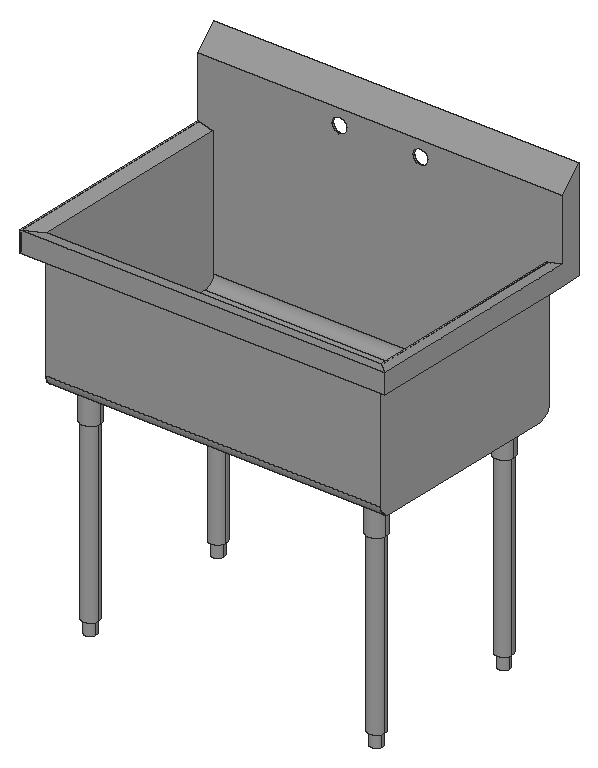
Revit family
Parameters (values of type "ByType")
  Width = 2' - 0"
  URL = "http://www.elkayusa.com/cps/rde/xchg/elkay/hs.xsl/Default.aspx"
  Specification URL = " "
  Sink Material = Metal - Steel - Stainless - Chrome
  Model Number = ""
  Model = "Weldbilt"  # constant formula
  Manufacturer = "Elkay Manufacturer"  # constant formula
  Length = 3' - 0"
  Installation URL = " "
  Hidden Width = if(Compartment Width > 0' 11", Width, (Compartment Width + Sink Rim Front Width + Backsplash Width))  # 2' - 0"
  Hidden Compartment Width = Width - Sink Rim Front Width - Backsplash Width  # 1' - 8 1/2"
  Hidden Compartment Length = Length - (Sink Rim Sides Width * 2)  # 2' - 9"
  Description = "Weldbilt Single Compartment Scullery Sinks"  # constant formula
  Compartment Length = if(Hidden Compartment Length > 0' 8 1/2", Hidden Compartment Length, 0' 8 1/2")  # 2' - 9"
  Hidden Length = if((Compartment Length > 0' 8 1/2"), Length, ((Compartment Length + Sink Rim Sides Width * 2)))  # 3' - 0"
  Sink Rim Sides Width = 0' - 1 1/2"  # constant formula
  Sink Rim Front Width = 0' - 1 1/2"  # constant formula
  Backsplash Width = 0' - 2"  # constant formula
  Sink Drain Location = Compartment Width / 2  # 0' - 10 1/4"
  Compartment Depth = 1' - 2"
  Compartment Width = if(Hidden Compartment Width > 0' 11", Hidden Compartment Width, 0' 11")  # 1' - 8 1/2"
  Rim Height = 3' - 0"
  Hole 1 to 2 = 0' - 8"
  Hole 1 From CL = 0' - 4"
  Faucet CL from Top Backsplash = 0' - 3 1/2"
  Backsplash Height = 0' - 8"
Reference planes (in)
  plane 1 "CL Sink Hole": y = -0.25
  plane 2 "Bottom": z = 0
  plane 3 "Center (Left/Right)": x = -6
  plane 4 "Basin Edge Left": x = -22.5
  plane 5 "Basin Edge Right": x = 10.5
  plane 6 "Basin Edge Back": y = 10
  plane 7 "Basin Edge Front": y = -10.5
  plane 8 "Left": x = -24
  plane 9 "Right": x = 12
  plane 10 "Back": y = 12
  plane 11 "Front": y = -12
  plane 12 "Sink Bowl Bottom (Top Face)": z = 22
  plane 13 "Sink Bowl Bottom (Bottom Face)": z = 21.875
  plane 14 "Sink Bottom Piece Back Edge": y = 9
  plane 15 "Sink Bottom Piece Front Edge": y = -9.5
  plane 16 "Center (Front/Back)": y = 0
  plane 17 "Sink Rim Top": z = 36
  plane 18 "Sink Bowl Bottom Radius Top Tangent": z = 23
  plane 19 "Sink Rim Inside Lower Edge": z = 35.59808
  plane 20: z = 44
  plane 21 "Backsplash Angle": z = 42
  plane 22 "Backsplash Side Piece Front": y = 10.125
  plane 23 "Backsplash Side Piece Top": z = 43.82322
  plane 24 "Backsplash Side Piece Angle": z = 41.94822
  plane 25 "Backsplash Side Piece Bottom": z = 34
  plane 26 "Backsplash Side Right Piece Inside Edge": x = 11.875
  plane 27 "Backsplash Side Left Piece Inside Edge": x = -23.875
  plane 28 "Basin Edge Right Outside Face": x = 10.5625
  plane 29 "Basin Edge Left Outside Face": x = -22.5625
  plane 30 "Faucet Hole CL Elev": z = 40.5
  plane 31 "CL Faucet Hole Left": x = -10
  plane 32 "CL Faucet Hole Right": x = -2
  plane 33 "Leg Left CL": x = -20.125
  plane 34 "Leg Front CL": y = -8.125
  plane 35: z = 18.825
  plane 36: z = 1.3125
  plane 37 "Leg Right CL": x = 8.125
  plane 38 "Leg Back CL": y = 7.625
  plane 39 "Basin Edge Front Outside Edge": y = -10.625
  plane 40 "Basin Edge Back Outside Edge": y = 10.125
Forms (in)
  Sweep 1, solid, material "Metal - Steel - Stainless - Chrome" <- "Sink Material"
    path origin (0, 0, 36) x (0, -1, 0) y (1, 0, 0)
      loop
        line (-10.125, 12) -> (12, 12) -> (12, -24) -> (-10.125, -24)
    profile "profile-weldbilt-rim : profile-weldbilt-rim" origin (-24, -0.9375, 36) x (-1, 0, 0) y (0, 0, 1)
      loop
        line (-1.5, -0.40192) -> (-1.41389, -0.45164) -> (-0.07031, -0.09163) -> (-0.07031, -1.94605) -> (-0.42259, -2.04044) -> (-0.42259, -2.11323) -> (0, -2) -> (0, 0) -> (-1.5, -0.40192)
  Extrusion 2, solid, material "Metal - Steel - Stainless - Chrome" <- "Sink Material"
    sketch origin (-6, 0, 0) x (0, 1, 0) y (0, 0, 1)
      loop
        line (-10.625, 35.59808) -> (-10.625, 23)
        arc (-10.625, 23) -> (-10.2955, 22.2045) -> (-9.5, 21.875) r 1.125
        line (-9.5, 21.875) -> (9, 21.875)
        arc (9, 21.875) -> (9.7955, 22.2045) -> (10.125, 23) r 1.125
        line (10.125, 23) -> (10.125, 35.59808) -> (10, 35.59808) -> (10, 23)
        arc (10, 23) -> (9.70711, 22.29289) -> (9, 22) r 1
        line (9, 22) -> (-9.5, 22)
        arc (-9.5, 22) -> (-10.20711, 22.29289) -> (-10.5, 23) r 1
        line (-10.5, 23) -> (-10.5, 35.59808) -> (-10.625, 35.59808)
    from -16.5 to 16.5
  Extrusion 3, solid, material "Metal - Steel - Stainless - Chrome" <- "Sink Material"
    sketch origin (-6, 0, 0) x (0, 1, 0) y (0, 0, 1)
      loop
        line (10, 42) -> (10, 35.59808) -> (10.125, 35.59808) -> (10.125, 41.94822) -> (12, 43.82322) -> (12, 44) -> (10, 42)
    from -18 to 18
  Extrusion 4, solid, material "Metal - Steel - Stainless - Chrome" <- "Sink Material"
    sketch origin (12, 0, 0) x (0, 1, 0) y (0, 0, 1)
      loop
        line (12, 43.82322) -> (10.125, 41.94822) -> (10.125, 34) -> (12, 34) -> (12, 43.82322)
    from -0.125 to 0
  Extrusion 5, solid, material "Metal - Steel - Stainless - Chrome" <- "Sink Material"
    sketch origin (-18, 0, 0) x (0, 1, 0) y (0, 0, 1)
      loop
        line (12, 43.82322) -> (10.125, 41.94822) -> (10.125, 34) -> (12, 34) -> (12, 43.82322)
    from -6 to -5.875
  Extrusion 6, solid, material "Metal - Steel - Stainless - Chrome" <- "Sink Material"
    sketch origin (10.5, 0, 0) x (0, 1, 0) y (0, 0, 1)
      loop
        line (-10.625, 35.59808) -> (-10.625, 23)
        arc (-10.625, 23) -> (-10.2955, 22.2045) -> (-9.5, 21.875) r 1.125
        line (-9.5, 21.875) -> (9, 21.875)
        arc (9, 21.875) -> (9.7955, 22.2045) -> (10.125, 23) r 1.125
        line (10.125, 23) -> (10.125, 35.59808) -> (-10.625, 35.59808)
    from 0 to 0.0625
  Extrusion 7, solid, material "Metal - Steel - Stainless - Chrome" <- "Sink Material"
    sketch origin (-22.5, 0, 0) x (0, 1, 0) y (0, 0, 1)
      loop
        line (10.125, 35.59808) -> (-10.625, 35.59808) -> (-10.625, 23)
        arc (-10.625, 23) -> (-10.2955, 22.2045) -> (-9.5, 21.875) r 1.125
        line (-9.5, 21.875) -> (9, 21.875)
        arc (9, 21.875) -> (9.7955, 22.2045) -> (10.125, 23) r 1.125
        line (10.125, 23) -> (10.125, 35.59808)
    from -0.0625 to 0
  Extrusion 8, void
    sketch origin (0, -0.25, 0) x (1, 0, 0) y (0, 0, 1)
      loop
        circle (-10, 40.5) r 0.75
    from -10.375 to -10.25
  Extrusion 9, void
    sketch origin (0, -0.25, 0) x (1, 0, 0) y (0, 0, 1)
      loop
        circle (-2, 40.5) r 0.75
    from -10.375 to -10.25
  Extrusion 10, void
    sketch origin (-45.27944, 78.60934, 0) x (1, 0, 0) y (0, 1, 0)
      loop
        circle (39.27944, -78.85934) r 2.375
    from 21.875 to 22
  Revolve 11, solid, material "Metal - Steel - Stainless - Chrome" <- "Sink Material"
    sketch origin (0, -8.125, 0) x (-1, 0, 0) y (0, 0, 1)
      loop
        line (20.9375, 18.825) -> (21.095, 18.825) -> (21.095, 21.875) -> (20.125, 21.875) -> (20.125, 0) -> (20.6875, 0) -> (20.6875, 1.3125) -> (20.9375, 1.3125) -> (20.9375, 18.825)
      axis (20.125, 21.875) -> (20.125, 0)
    angle from 0 to 360
  Revolve 12, solid, material "Metal - Steel - Stainless - Chrome" <- "Sink Material"
    sketch origin (0, -8.125, 0) x (-1, 0, 0) y (0, 0, 1)
      loop
        line (-8.9375, 18.825) -> (-8.9375, 1.3125) -> (-8.6875, 1.3125) -> (-8.6875, 0) -> (-8.125, 0) -> (-8.125, 21.875) -> (-9.095, 21.875) -> (-9.095, 18.825) -> (-8.9375, 18.825)
      axis (-8.125, 21.875) -> (-8.125, 0)
    angle from 0 to 360
  Revolve 13, solid, material "Metal - Steel - Stainless - Chrome" <- "Sink Material"
    sketch origin (0, 7.625, 0) x (-1, 0, 0) y (0, 0, 1)
      loop
        line (-8.9375, 18.825) -> (-8.9375, 1.3125) -> (-8.6875, 1.3125) -> (-8.6875, 0) -> (-8.125, 0) -> (-8.125, 21.875) -> (-9.095, 21.875) -> (-9.095, 18.825) -> (-8.9375, 18.825)
      axis (-8.125, 21.875) -> (-8.125, 0)
    angle from 0 to 360
  Revolve 14, solid, material "Metal - Steel - Stainless - Chrome" <- "Sink Material"
    sketch origin (0, 7.625, 0) x (-1, 0, 0) y (0, 0, 1)
      loop
        line (19.3125, 18.825) -> (19.3125, 1.3125) -> (19.5625, 1.3125) -> (19.5625, 0) -> (20.125, 0) -> (20.125, 21.875) -> (19.155, 21.875) -> (19.155, 18.825) -> (19.3125, 18.825)
      axis (20.125, 21.875) -> (20.125, 0)
    angle from 0 to 360
  Sweep 15, solid, material "Metal - Steel - Stainless - Chrome" <- "Sink Material"
    path origin (0, 0, 22) x (-1, 0, 0) y (0, -1, 0)
      loop
        circle (6, 0.25) r 2.375
    profile "profile-elkay-sink-hole-1 : profile-elkay-sink-hole-1" origin (-6, -2.625, 22) x (0, 1, 0) y (0, 0, 1)
      loop
        arc (0.10775, -0.05529) -> (0.06053, -0.01467) -> (0, 0) r 0.133
        line (0, 0) -> (0, -0.07422)
        arc (0, -0.07422) -> (0.0267, -0.08072) -> (0.04752, -0.09865) r 0.05878
        line (0.04752, -0.09865) -> (0.12152, -0.20143) -> (0.5715, -0.40832) -> (0.5715, -0.32577) -> (0.16939, -0.14089) -> (0.10775, -0.05529)
Cuts and joins
  Extrusion 10 cuts Extrusion 2
  Extrusion 8, Extrusion 9 cuts Extrusion 3
  Extrusion 10 cuts Extrusion 6
  joined: Sweep 1, Extrusion 2, Extrusion 3, Extrusion 4, Extrusion 5, Extrusion 6, Extrusion 7, Sweep 15
Lines and regions (in)
  Masking region 1
    outline origin (0, 0, 0) x (1, 0, 0) y (0, 1, 0)
      loop
        line (-24, 12) -> (-24, -12) -> (12, -12) -> (12, 12) -> (-24, 12)
  reference lines
    curve 1: arc (-6, -9.5, 22) -> (-6, -10.20711, 22.29289) -> (-6, -10.5, 23) r 1
    curve 2: arc (-6, 10, 23) -> (-6, 9.70711, 22.29289) -> (-6, 9, 22) r 1
    curve 3: line (-20.125, -8.125, 21.875) -> (-20.125, -8.125, 0)
    curve 4: line (8.125, -8.125, 22) -> (8.125, -8.125, 0)
    curve 5: line (8.125, 7.625, 21.875) -> (8.125, 7.625, 0)
    curve 6: line (-20.125, 7.625, 21.875) -> (-20.125, 7.625, 0)
    curve 15: arc (-6, 10.125, 23) -> (-6, 9.7955, 22.2045) -> (-6, 9, 21.875) r 1.125
    curve 16: arc (-6, -10.625, 23) -> (-6, -10.2955, 22.2045) -> (-6, -9.5, 21.875) r 1.125
  symbolic lines
    curve 7: line (-24, 10, 0) -> (12, 10, 0)
    curve 8: line (-22.5, -10.5, 0) -> (-22.5, 10, 0)
    curve 9: line (10.5, -10.5, 0) -> (-22.5, -10.5, 0)
    curve 10: line (10.5, 10, 0) -> (10.5, -10.5, 0)
    curve 11: circle (-6, -0.25, 0) r 2.375 normal (0, 0, 1)
    curve 12: line (-22.5, -10.5, 0) -> (-24, -12, 0)
    curve 13: line (12, -12, 0) -> (10.5, -10.5, 0)
    curve 14: circle (-6, -0.25, 0) r 1.75 normal (0, 0, 1)
Dimensions and locks (in)
  equal spacing: plane 8 "Left", plane 3 "Center (Left/Right)", plane 9 "Right"
  "Sink Rim Sides Width": plane 8 "Left" to plane 4 "Basin Edge Left"
  "Sink Rim Sides Width": plane 5 "Basin Edge Right" to plane 9 "Right"
  "Hidden Length": plane 8 "Left" to plane 9 "Right"
  "Sink Drain Location": plane 6 "Basin Edge Back" to plane 1 "CL Sink Hole"
  "Backsplash Width": plane 10 "Back" to plane 6 "Basin Edge Back"
  "Sink Rim Front Width": plane 7 "Basin Edge Front" to plane 11 "Front"
  "Hidden Width": plane 10 "Back" to plane 11 "Front"
  locked: plane 15 "Sink Bottom Piece Front Edge" to plane 7 "Basin Edge Front" at 1
  locked: plane 6 "Basin Edge Back" to plane 14 "Sink Bottom Piece Back Edge" at 1
  equal spacing: plane 10 "Back", plane 16 "Center (Front/Back)", plane 11 "Front"
  "Compartment Depth": plane 17 "Sink Rim Top" to plane 12 "Sink Bowl Bottom (Top Face)"
  "Rim Height": plane 17 "Sink Rim Top" to plane 2 "Bottom"
  locked: plane 18 "Sink Bowl Bottom Radius Top Tangent" to plane 12 "Sink Bowl Bottom (Top Face)" at 1
  locked: plane 17 "Sink Rim Top" to plane 19 "Sink Rim Inside Lower Edge" at 0.40192
  "Backsplash Height": plane 20 to plane 17 "Sink Rim Top"
  locked: plane 20 to plane 21 "Backsplash Angle" at 2
  locked: plane 20 to plane 23 "Backsplash Side Piece Top" at 0.17678
  locked: plane 6 "Basin Edge Back" to plane 22 "Backsplash Side Piece Front" at 0.125
  locked: plane 21 "Backsplash Angle" to plane 24 "Backsplash Side Piece Angle" at 0.05178
  locked: plane 26 "Backsplash Side Right Piece Inside Edge" to plane 9 "Right" at 0.125
  locked: plane 8 "Left" to plane 27 "Backsplash Side Left Piece Inside Edge" at 0.125
  locked: plane 5 "Basin Edge Right" to plane 28 "Basin Edge Right Outside Face" at 0.0625
  plane 29 "Basin Edge Left Outside Face" to plane 4 "Basin Edge Left" = 0' - 0 1/16"
  locked: plane 17 "Sink Rim Top" to plane 25 "Backsplash Side Piece Bottom" at 2
  locked: plane 34 "Leg Front CL" to plane 7 "Basin Edge Front" at 2.375
  locked: plane 4 "Basin Edge Left" to plane 33 "Leg Left CL" at 2.375
  "Hole 1 From CL": plane 31 "CL Faucet Hole Left" to plane 3 "Center (Left/Right)"
  "Hole 1 to 2": plane 31 "CL Faucet Hole Left" to plane 32 "CL Faucet Hole Right"
  locked: plane 12 "Sink Bowl Bottom (Top Face)" to plane 13 "Sink Bowl Bottom (Bottom Face)" at 0.125
  locked: plane 12 "Sink Bowl Bottom (Top Face)" to plane 35 at 3.175
  locked: plane 36 to plane 2 "Bottom" at 1.3125
  "Faucet CL from Top Backsplash": plane 20 to plane 30 "Faucet Hole CL Elev"
  locked: plane 37 "Leg Right CL" to plane 5 "Basin Edge Right" at 2.375
  locked: plane 6 "Basin Edge Back" to plane 38 "Leg Back CL" at 2.375
  locked: nested 1 to plane 9 "Right" at 4
  locked: plane 10 "Back" to nested 1 at 1
  locked: plane 39 "Basin Edge Front Outside Edge" to plane 7 "Basin Edge Front" at 0.125
  plane 6 "Basin Edge Back" to plane 40 "Basin Edge Back Outside Edge" = 0' - 0 1/8"
  aligned and locked: Extrusion 2 sketch curve to plane 6 "Basin Edge Back"
  aligned and locked: Extrusion 2 sketch curve to curve 2
  aligned and locked: Extrusion 2 sketch curve to curve 1
  aligned and locked: plane 5 "Basin Edge Right" to Extrusion 2
  aligned and locked: Extrusion 2 to plane 4 "Basin Edge Left"
  aligned and locked: Extrusion 2 sketch curve to plane 19 "Sink Rim Inside Lower Edge"  (x2)
  aligned and locked: Extrusion 3 sketch curve to plane 19 "Sink Rim Inside Lower Edge"
  aligned and locked: Extrusion 3 sketch curve to plane 10 "Back"
  aligned and locked: Extrusion 3 sketch curve to plane 6 "Basin Edge Back"
  aligned and locked: plane 9 "Right" to Extrusion 3
  aligned and locked: Extrusion 3 to plane 8 "Left"
  aligned and locked: plane 10 "Back" to Extrusion 4 sketch curve
  aligned and locked: Extrusion 4 sketch curve to plane 25 "Backsplash Side Piece Bottom"
  aligned and locked: Extrusion 4 sketch curve to plane 22 "Backsplash Side Piece Front"
  aligned and locked: Extrusion 4 to plane 26 "Backsplash Side Right Piece Inside Edge"
  aligned and locked: plane 9 "Right" to Extrusion 4
  aligned and locked: plane 22 "Backsplash Side Piece Front" to Sweep 1 sketch curve  (x2)
  aligned and locked: Extrusion 5 sketch curve to plane 10 "Back"
  aligned and locked: plane 22 "Backsplash Side Piece Front" to Extrusion 5 sketch curve
  aligned and locked: plane 25 "Backsplash Side Piece Bottom" to Extrusion 5 sketch curve
  aligned and locked: plane 27 "Backsplash Side Left Piece Inside Edge" to Extrusion 5
  aligned and locked: Extrusion 5 to plane 8 "Left"
  aligned and locked: Extrusion 6 sketch curve to plane 19 "Sink Rim Inside Lower Edge"
  aligned and locked: Extrusion 6 to plane 5 "Basin Edge Right"
  aligned and locked: plane 28 "Basin Edge Right Outside Face" to Extrusion 6
  aligned and locked: Extrusion 7 sketch curve to plane 19 "Sink Rim Inside Lower Edge"
  aligned and locked: Extrusion 7 to plane 29 "Basin Edge Left Outside Face"
  aligned and locked: plane 4 "Basin Edge Left" to Extrusion 7
  aligned and locked: plane 22 "Backsplash Side Piece Front" to Extrusion 9
  aligned and locked: Extrusion 9 to plane 6 "Basin Edge Back"
  aligned and locked: plane 22 "Backsplash Side Piece Front" to Extrusion 8
  aligned: Extrusion 8 to plane 14 "Sink Bottom Piece Back Edge"
  aligned and locked: Extrusion 8 to plane 6 "Basin Edge Back"
  aligned and locked: plane 12 "Sink Bowl Bottom (Top Face)" to Extrusion 10
  aligned and locked: Extrusion 10 to plane 13 "Sink Bowl Bottom (Bottom Face)"
  aligned and locked: Revolve 11 sketch curve to plane 13 "Sink Bowl Bottom (Bottom Face)"
  aligned and locked: Revolve 11 sketch curve to curve 3
  aligned and locked: curve 4 to plane 37 "Leg Right CL"
  aligned and locked: plane 12 "Sink Bowl Bottom (Top Face)" to curve 4
  aligned and locked: plane 2 "Bottom" to curve 4
  aligned and locked: Revolve 12 sketch curve to plane 36
  aligned and locked: Revolve 12 sketch curve to plane 35
  aligned and locked: plane 2 "Bottom" to Revolve 12 sketch curve  (x3)
  aligned and locked: plane 13 "Sink Bowl Bottom (Bottom Face)" to Revolve 12 sketch curve  (x2)
  aligned and locked: curve 4 to Revolve 12 sketch curve  (x2)
  aligned and locked: Revolve 13 sketch curve to plane 2 "Bottom"
  aligned and locked: plane 36 to Revolve 13 sketch curve
  aligned and locked: plane 35 to Revolve 13 sketch curve
  aligned and locked: Revolve 13 sketch curve to plane 13 "Sink Bowl Bottom (Bottom Face)"
  aligned and locked: plane 37 "Leg Right CL" to Revolve 13 sketch curve
  aligned and locked: Revolve 13 sketch curve to curve 5
  aligned and locked: Revolve 14 sketch curve to plane 2 "Bottom"
  aligned and locked: plane 36 to Revolve 14 sketch curve
  aligned and locked: plane 35 to Revolve 14 sketch curve
  aligned and locked: Revolve 14 sketch curve to plane 13 "Sink Bowl Bottom (Bottom Face)"
  aligned and locked: plane 33 "Leg Left CL" to Revolve 14 sketch curve
  aligned and locked: plane 2 "Bottom" to Revolve 14 sketch curve
  aligned and locked: Revolve 14 sketch curve to plane 33 "Leg Left CL"
  aligned and locked: Masking region 1 sketch curve to plane 10 "Back"
  aligned and locked: plane 8 "Left" to Masking region 1 sketch curve
  aligned and locked: Masking region 1 sketch curve to plane 9 "Right"
  aligned and locked: plane 11 "Front" to Masking region 1 sketch curve
  aligned and locked: plane 7 "Basin Edge Front" to curve 9
  aligned and locked: plane 4 "Basin Edge Left" to curve 8
  aligned and locked: curve 7 to plane 6 "Basin Edge Back"
  aligned and locked: plane 8 "Left" to curve 7
  aligned and locked: plane 9 "Right" to curve 7
  aligned and locked: Extrusion 6 sketch curve to plane 39 "Basin Edge Front Outside Edge"
  aligned and locked: Extrusion 6 sketch curve to plane 40 "Basin Edge Back Outside Edge"
  aligned and locked: Extrusion 6 sketch curve to curve 16
  aligned and locked: Extrusion 6 sketch curve to curve 15
  aligned and locked: Extrusion 7 sketch curve to curve 16
  aligned and locked: Extrusion 7 sketch curve to curve 15
  aligned and locked: plane 23 "Backsplash Side Piece Top" to Extrusion 4 sketch curve
  aligned and locked: plane 24 "Backsplash Side Piece Angle" to Extrusion 4 sketch curve
Automatic sketch dimensions
  Sweep 1 sketch curve to plane 8 "Left" = 0' - 0"
  Sweep 1 sketch curve to plane 11 "Front" = 0' - 0"
  Sweep 1 sketch curve to plane 9 "Right" = 0' - 0"
  Extrusion 3 sketch curve to plane 20 = 0' - 0"
  Extrusion 5 sketch curve to plane 24 "Backsplash Side Piece Angle" = 0' - 0"
  Extrusion 5 sketch curve to plane 23 "Backsplash Side Piece Top" = 0' - 0"
  Extrusion 8 sketch curve to plane 30 "Faucet Hole CL Elev" = 0' - 0"
  Extrusion 8 sketch curve to plane 31 "CL Faucet Hole Left" = 0' - 0"
  Extrusion 9 sketch curve to plane 30 "Faucet Hole CL Elev" = 0' - 0"
  Extrusion 9 sketch curve to plane 32 "CL Faucet Hole Right" = 0' - 0"
  Extrusion 10 sketch curve to plane 1 "CL Sink Hole" = 0' - 0"
  plane 3 "Center (Left/Right)" to Extrusion 10 sketch curve = 0' - 0"
  curve 3 to level = 0' - 0"
  curve 3 to plane 33 "Leg Left CL" = 0' - 0"
  curve 3 to plane 13 "Sink Bowl Bottom (Bottom Face)" = 0' - 0"
  Revolve 11 sketch curve to plane 33 "Leg Left CL" = 0' - 0"
  Revolve 11 sketch curve to level = 0' - 0"  (x2)
  Revolve 11 sketch curve to plane 36 = 0' - 0"
  Revolve 11 sketch curve to plane 35 = 0' - 0"
  Revolve 11 sketch curve to plane 13 "Sink Bowl Bottom (Bottom Face)" = 0' - 0"
  Revolve 11 sketch curve to Revolve 11 sketch curve = 0' - 0 9/16"
  Revolve 11 sketch curve to Revolve 11 sketch curve = 0' - 0 1/4"
  Revolve 11 sketch curve to Revolve 11 sketch curve = 0' - 0.1575"
  plane 37 "Leg Right CL" to Revolve 12 sketch curve = 0' - 0 9/16"
  plane 37 "Leg Right CL" to Revolve 12 sketch curve = 0' - 0 13/16"
  Revolve 12 sketch curve to Revolve 12 sketch curve = 0' - 0.1575"
  curve 5 to level = 0' - 0"
  curve 5 to plane 37 "Leg Right CL" = 0' - 0"
  curve 5 to plane 13 "Sink Bowl Bottom (Bottom Face)" = 0' - 0"
  Revolve 13 sketch curve to level = 0' - 0"
  Revolve 13 sketch curve to plane 13 "Sink Bowl Bottom (Bottom Face)" = 0' - 0"
  plane 37 "Leg Right CL" to Revolve 13 sketch curve = 0' - 0 9/16"
  Revolve 13 sketch curve to Revolve 13 sketch curve = 0' - 0 1/4"
  Revolve 13 sketch curve to Revolve 13 sketch curve = 0' - 0.97"
  Revolve 14 sketch curve to plane 13 "Sink Bowl Bottom (Bottom Face)" = 0' - 0"
  plane 33 "Leg Left CL" to Revolve 14 sketch curve = 0' - 0 9/16"
  Revolve 14 sketch curve to Revolve 14 sketch curve = 0' - 0 1/4"
  Revolve 14 sketch curve to Revolve 14 sketch curve = 0' - 0.97"
  curve 6 to level = 0' - 0"
  curve 6 to plane 33 "Leg Left CL" = 0' - 0"
  curve 6 to plane 13 "Sink Bowl Bottom (Bottom Face)" = 0' - 0"
  plane 1 "CL Sink Hole" to Sweep 15 sketch curve = 0' - 0"
  Sweep 15 sketch curve to plane 3 "Center (Left/Right)" = 0' - 0"
  curve 11 to curve 14 = 0' - 0"  (x2)
  curve 12 to plane 8 "Left" = 0' - 0"
  plane 1 "CL Sink Hole" to curve 14 = 0' - 0"
  curve 14 to plane 3 "Center (Left/Right)" = 0' - 0"
  curve 13 to plane 5 "Basin Edge Right" = 0' - 0"
  curve 13 to plane 9 "Right" = 0' - 0"
  curve 13 to plane 11 "Front" = 0' - 0"
  curve 12 to plane 11 "Front" = 0' - 0"
  curve 1 to curve 16 = 0' - 0"  (x2)
  curve 2 to curve 15 = 0' - 0"  (x2)
  curve 16 to plane 18 "Sink Bowl Bottom Radius Top Tangent" = 0' - 0"
  curve 16 to plane 39 "Basin Edge Front Outside Edge" = 0' - 0"
  curve 1 to plane 7 "Basin Edge Front" = 0' - 0"
  curve 1 to plane 12 "Sink Bowl Bottom (Top Face)" = 0' - 0"
  curve 15 to plane 14 "Sink Bottom Piece Back Edge" = 0' - 0"
  curve 2 to plane 6 "Basin Edge Back" = 0' - 0"
  curve 15 to plane 18 "Sink Bowl Bottom Radius Top Tangent" = 0' - 0"
  curve 15 to plane 40 "Basin Edge Back Outside Edge" = 0' - 0"
  plane 23 "Backsplash Side Piece Top" to Extrusion 3 sketch curve = 0' - 0"
  Extrusion 3 sketch curve to plane 21 "Backsplash Angle" = 0' - 0"
  Extrusion 3 sketch curve to plane 22 "Backsplash Side Piece Front" = 0' - 0"
  Extrusion 3 sketch curve to plane 21 "Backsplash Angle" = 0' - 0.05178"
  Extrusion 2 sketch curve to plane 39 "Basin Edge Front Outside Edge" = 0' - 0"
  Extrusion 2 sketch curve to Extrusion 2 sketch curve = 0' - 0"  (x4)
  radius of Extrusion 8 sketch curve = 0' - 0 3/4"
  radius of Extrusion 9 sketch curve = 0' - 0 3/4"
  radius of Extrusion 10 sketch curve = 0' - 2 3/8"
  radius of Sweep 15 sketch curve = 0' - 2 3/8"
  radius of curve 11 = 0' - 2 3/8"
  radius of curve 14 = 0' - 1 3/4"
Nested families (in)
  nested 1: "logo-elkay-detail" at (8, 11, 0), type "logo-elkay-detail"
Definition of nested family "logo-elkay-detail"
  Reference planes (in)
    plane 1 "Center (Front/Back)": y = 0
    plane 2: z = 0
    plane 3 "Center (Left/Right)": x = 0
  Lines and regions (in)
    detail lines, in view "Ref. Level"
      curve 1: line (-1.81545, 0.37736, 0) -> (-2.86608, 0.37736, 0)
      curve 2: line (-2.86608, 0.37736, 0) -> (-2.99916, -0.37736, 0)
      curve 3: line (-2.99916, -0.37736, 0) -> (-1.89769, -0.37736, 0)
      curve 4: line (-1.89769, -0.37736, 0) -> (-1.87836, -0.26772, 0)
      curve 5: line (-1.87836, -0.26772, 0) -> (-2.75664, -0.26772, 0)
      curve 6: line (-2.75664, -0.26772, 0) -> (-2.71915, -0.05507, 0)
      curve 7: line (-2.71915, -0.05507, 0) -> (-1.94254, -0.05507, 0)
      curve 8: line (-1.94254, -0.05507, 0) -> (-1.92312, 0.05507, 0)
      curve 9: line (-1.92312, 0.05507, 0) -> (-2.71407, 0.05507, 0)
      curve 10: line (-2.71407, 0.05507, 0) -> (-2.67657, 0.26772, 0)
      curve 11: line (-2.67657, 0.26772, 0) -> (-1.83479, 0.26772, 0)
      curve 12: line (-1.83479, 0.26772, 0) -> (-1.81545, 0.37736, 0)
      curve 13: line (-1.55864, -0.26772, 0) -> (-1.44489, 0.37736, 0)
      curve 14: line (-1.44489, 0.37736, 0) -> (-1.65384, 0.37736, 0)
      curve 15: line (-1.65384, 0.37736, 0) -> (-1.78692, -0.37736, 0)
      curve 16: line (-1.78692, -0.37736, 0) -> (-0.81843, -0.37736, 0)
      curve 17: line (-0.81843, -0.37736, 0) -> (-0.7991, -0.26772, 0)
      curve 18: line (-0.7991, -0.26772, 0) -> (-1.55864, -0.26772, 0)
      curve 19: line (-0.70839, -0.37736, 0) -> (-0.57531, 0.37736, 0)
      curve 20: line (-0.57531, 0.37736, 0) -> (-0.36636, 0.37736, 0)
      curve 21: line (-0.36636, 0.37736, 0) -> (-0.44053, -0.04327, 0)
      curve 22: line (-0.44053, -0.04327, 0) -> (0.30095, 0.37736, 0)
      curve 23: line (0.30095, 0.37736, 0) -> (0.59826, 0.37736, 0)
      curve 24: line (0.59826, 0.37736, 0) -> (0.025, 0.05216, 0)
      curve 25: line (0.025, 0.05216, 0) -> (0.49251, -0.37736, 0)
      curve 26: line (0.49251, -0.37736, 0) -> (0.1672, -0.37736, 0)
      curve 27: line (0.1672, -0.37736, 0) -> (-0.17613, -0.06193, 0)
      curve 28: line (-0.17613, -0.06193, 0) -> (-0.47357, -0.23067, 0)
      curve 29: line (-0.47357, -0.23067, 0) -> (-0.49944, -0.37736, 0)
      curve 30: line (-0.49944, -0.37736, 0) -> (-0.70839, -0.37736, 0)
      curve 31: line (1.55597, -0.12503, 0) -> (1.3377, 0.32386, 0)
      curve 32: line (1.3377, 0.32386, 0) -> (0.94493, -0.12503, 0)
      curve 33: line (0.94493, -0.12503, 0) -> (1.55597, -0.12503, 0)
      curve 34: line (1.55608, 0.37736, 0) -> (1.92307, -0.37736, 0)
      curve 35: line (1.92307, -0.37736, 0) -> (1.67867, -0.37736, 0)
      curve 36: line (1.67867, -0.37736, 0) -> (1.60734, -0.23067, 0)
      curve 37: line (1.60734, -0.23067, 0) -> (0.8525, -0.23067, 0)
      curve 38: line (0.8525, -0.23067, 0) -> (0.72414, -0.37736, 0)
      curve 39: line (0.72414, -0.37736, 0) -> (0.52921, -0.37736, 0)
      curve 40: line (0.52921, -0.37736, 0) -> (1.1896, 0.37736, 0)
      curve 41: line (1.1896, 0.37736, 0) -> (1.55608, 0.37736, 0)
      curve 42: line (1.98079, 0.37736, 0) -> (2.29994, 0.03841, 0)
      curve 43: line (2.29994, 0.03841, 0) -> (2.75395, 0.37736, 0)
      curve 44: line (2.75395, 0.37736, 0) -> (2.99916, 0.37736, 0)
      curve 45: line (2.99916, 0.37736, 0) -> (2.38123, -0.08397, 0)
      curve 46: line (2.38123, -0.08397, 0) -> (2.3295, -0.37736, 0)
      curve 47: line (2.3295, -0.37736, 0) -> (2.10632, -0.37736, 0)
      curve 48: line (2.10632, -0.37736, 0) -> (2.15092, -0.12442, 0)
      curve 49: line (2.15092, -0.12442, 0) -> (1.67845, 0.37736, 0)
      curve 50: line (1.67845, 0.37736, 0) -> (1.98079, 0.37736, 0)
